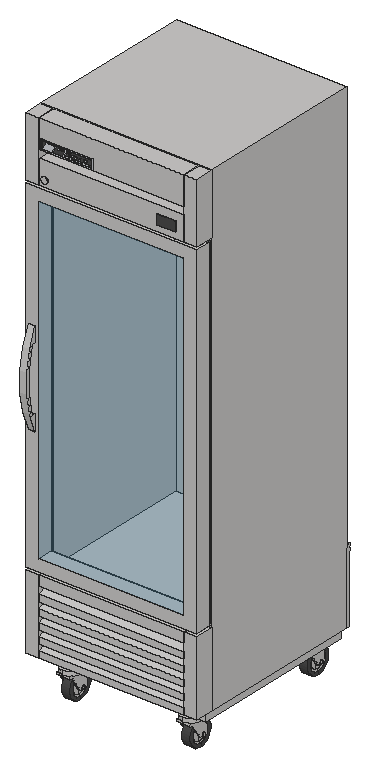
Revit family "QF_TRUE_TS-23FG-HC~FGD01", category Specialty Equipment, Revit 2015 (continued)
Definition of nested family "TS-23-FG-HC-FGD01"
  Automatic sketch dimensions
    Extrusion 24 sketch curve to Extrusion 24 sketch curve = 3"  (x2)
    Extrusion 25 sketch curve to Extrusion 25 sketch curve = 2"
    Extrusion 25 sketch curve to Extrusion 25 sketch curve = 76 1/2"
    Extrusion 22 sketch curve to Extrusion 22 sketch curve = 25"
    Extrusion 22 sketch curve to Extrusion 22 sketch curve = 1 15/16"
    plane 11 to Extrusion 18 sketch curve = 1/4"
    plane 11 to Extrusion 18 sketch curve = 54 1/2"
    Extrusion 18 sketch curve to Extrusion 18 sketch curve = 2"  (x2)
    plane 11 to Extrusion 18 sketch curve = 2"
    Extrusion 18 sketch curve to Extrusion 18 sketch curve = 23"
    Extrusion 18 sketch curve to Extrusion 18 sketch curve = 1 3/4"
    Extrusion 13 sketch curve to Extrusion 13 sketch curve = 23"
    Extrusion 13 sketch curve to Extrusion 13 sketch curve = 50 3/4"
    Extrusion 29 sketch curve to plane 7 "Center Y" = 0"
    Extrusion 29 sketch curve to plane 9 = 9 5/8"
    Extrusion 2 to Extrusion 30 sketch curve = 1.18857"
    Extrusion 30 sketch curve to Extrusion 2 = 0.92156"
    Extrusion 2 to Extrusion 30 sketch curve = 4.2006"
    Extrusion 2 to Extrusion 30 sketch curve = 1.25266"
    Extrusion 10 sketch curve to Extrusion 1 = 11 1/2"
    Extrusion 1 to Extrusion 10 sketch curve = 23 1/4"
    Extrusion 10 sketch curve to Extrusion 10 sketch curve = 1.37134"  (x2)
    Extrusion 10 sketch curve to Extrusion 1 = 1/4"  (x2)
    Extrusion 10 sketch curve to Extrusion 10 sketch curve = 1 1/2"
    Extrusion 10 sketch curve to Extrusion 1 = 13 3/4"
    Extrusion 20 sketch curve to Extrusion 11 = 11 1/2"
    Extrusion 11 to Extrusion 20 sketch curve = 23 1/4"
    Extrusion 20 sketch curve to Extrusion 20 sketch curve = 1.37134"  (x2)
    Extrusion 20 sketch curve to Extrusion 11 = 1/4"  (x2)
    Extrusion 20 sketch curve to Extrusion 20 sketch curve = 1 1/2"
    Extrusion 20 sketch curve to Extrusion 11 = 13 3/4"
    Extrusion 5 sketch curve to Extrusion 5 sketch curve = 1.5775"
    Extrusion 5 sketch curve to Extrusion 5 sketch curve = 0.2834"
    Extrusion 5 sketch curve to Extrusion 5 sketch curve = 25 3/4"
    Extrusion 15 sketch curve to Extrusion 15 sketch curve = 1.5775"
    Extrusion 15 sketch curve to Extrusion 15 sketch curve = 0.2834"
    Extrusion 15 sketch curve to Extrusion 15 sketch curve = 25 3/4"
    Extrusion 5 sketch curve to plane 18 = 0"
    Extrusion 15 sketch curve to plane 19 = 0"
    Extrusion 23 sketch curve to plane 14 = 0"
    plane 15 to Extrusion 23 sketch curve = 0"
    Extrusion 23 sketch curve to plane 14 = 2 1/2"
    Extrusion 23 sketch curve to plane 15 = 2 1/2"
    Extrusion 23 sketch curve to Extrusion 23 sketch curve = 0"
    Extrusion 23 sketch curve to Extrusion 23 sketch curve = 0.60964"  (x2)
    Extrusion 23 sketch curve to Extrusion 23 sketch curve = 14.60983"
    Extrusion 23 sketch curve to Extrusion 23 sketch curve = 2.9401"
    Extrusion 26 sketch curve to plane 16 = 0"
    plane 17 to Extrusion 26 sketch curve = 0"
    Extrusion 26 sketch curve to plane 16 = 2 1/2"
    Extrusion 26 sketch curve to plane 17 = 2 1/2"
    Extrusion 26 sketch curve to Extrusion 26 sketch curve = 0"
    Extrusion 26 sketch curve to Extrusion 26 sketch curve = 0.60964"  (x2)
    Extrusion 26 sketch curve to Extrusion 26 sketch curve = 14.60983"
    Extrusion 26 sketch curve to Extrusion 26 sketch curve = 2.9401"
    curve 2 to plane 3 "LEFT" = 0"
    plane 5 "FRONT" to curve 11 = 0"
    curve 3 to plane 4 "RIGHT" = 0"
    plane 1 "BACK" to curve 5 = 0"
    curve 3 to plane 12 = 0"
    curve 10 to plane 3 "LEFT" = 0.2834"
    plane 4 "RIGHT" to curve 9 = 4.25181"
    plane 5 "FRONT" to curve 9 = 13.13367"
    plane 3 "LEFT" to curve 11 = 0.49075"
    plane 13 to curve 12 = 0.00013"
    curve 11 to curve 12 = 1.00925"
    plane 3 "LEFT" to curve 7 = 2"
    plane 4 "RIGHT" to curve 8 = 2"
    curve 10 to curve 6 = 3"
    Extrusion 6 sketch curve to Extrusion 1 = 0"  (x2)
    Extrusion 6 sketch curve to Extrusion 1 = 3/8"
    Extrusion 6 sketch curve to Extrusion 6 sketch curve = 10.68144"
    Extrusion 6 sketch curve to Extrusion 6 sketch curve = 0.34482"
    Extrusion 6 sketch curve to Extrusion 6 sketch curve = 0.3805"
    Extrusion 6 sketch curve to Extrusion 6 sketch curve = 0.16647"
    Extrusion 6 sketch curve to Extrusion 1 = 0.32496"
    Extrusion 6 sketch curve to Extrusion 6 sketch curve = 0.17678"
    Extrusion 6 sketch curve to Extrusion 6 sketch curve = 0.14819"
    Extrusion 6 sketch curve to Extrusion 6 sketch curve = 0"
    Extrusion 6 sketch curve to Extrusion 6 sketch curve = 3/32"
    Extrusion 6 sketch curve to Extrusion 6 sketch curve = 0.14379"
    Extrusion 16 sketch curve to Extrusion 11 = 0"  (x2)
    Extrusion 16 sketch curve to Extrusion 11 = 3/8"
    Extrusion 16 sketch curve to Extrusion 16 sketch curve = 10.68144"
    Extrusion 16 sketch curve to Extrusion 16 sketch curve = 0.34482"
    Extrusion 16 sketch curve to Extrusion 16 sketch curve = 0.3805"
    Extrusion 16 sketch curve to Extrusion 16 sketch curve = 0.16647"
    Extrusion 16 sketch curve to Extrusion 11 = 0.32496"
    Extrusion 16 sketch curve to Extrusion 16 sketch curve = 0.17678"
    Extrusion 16 sketch curve to Extrusion 16 sketch curve = 0.14819"
    Extrusion 16 sketch curve to Extrusion 16 sketch curve = 0"
    Extrusion 16 sketch curve to Extrusion 16 sketch curve = 3/32"
    Extrusion 16 sketch curve to Extrusion 16 sketch curve = 0.14379"
    Extrusion 31 sketch curve to Extrusion 31 sketch curve = 0.37938"
    Extrusion 31 sketch curve to Extrusion 31 sketch curve = 1"
    Extrusion 31 sketch curve to Extrusion 31 sketch curve = 1.65026"
    Extrusion 31 sketch curve to Extrusion 31 sketch curve = 0.43546"
    Extrusion 31 sketch curve to Extrusion 31 sketch curve = 0.50522"
    Extrusion 31 sketch curve to Extrusion 31 sketch curve = 0.51683"  (x2)
    Extrusion 31 sketch curve to Extrusion 31 sketch curve = 0.53428"
    Extrusion 32 sketch curve to Extrusion 32 sketch curve = 1"
    Extrusion 32 sketch curve to Extrusion 32 sketch curve = 0"
    Extrusion 34 sketch curve to Extrusion 34 sketch curve = 0.0411"
    Extrusion 34 sketch curve to Extrusion 34 sketch curve = 0.54506"
    Extrusion 34 sketch curve to Extrusion 34 sketch curve = 0.91779"
    Extrusion 34 sketch curve to Extrusion 34 sketch curve = 0.45494"
    Extrusion 34 sketch curve to Extrusion 34 sketch curve = 17/32"
    Extrusion 34 sketch curve to Extrusion 34 sketch curve = 1.82353"
    Extrusion 35 sketch curve to Extrusion 35 sketch curve = 0"  (x3)
    Extrusion 35 sketch curve to Extrusion 35 sketch curve = 0.0075"
    Extrusion 35 sketch curve to Extrusion 35 sketch curve = 2.06523"
    Extrusion 35 sketch curve to Extrusion 35 sketch curve = 0.04197"
    Extrusion 35 sketch curve to Extrusion 35 sketch curve = 0.42957"
    Extrusion 35 sketch curve to Extrusion 35 sketch curve = 0.94308"
    Extrusion 37 sketch curve to Extrusion 37 sketch curve = 0.37938"
    Extrusion 37 sketch curve to Extrusion 37 sketch curve = 1"
    Extrusion 37 sketch curve to Extrusion 37 sketch curve = 1.65026"
    Extrusion 37 sketch curve to Extrusion 37 sketch curve = 0.43546"
    Extrusion 37 sketch curve to Extrusion 37 sketch curve = 0.50522"
    Extrusion 37 sketch curve to Extrusion 37 sketch curve = 0.51683"  (x2)
    Extrusion 37 sketch curve to Extrusion 37 sketch curve = 0.53428"
    Extrusion 38 sketch curve to Extrusion 38 sketch curve = 1"
    Extrusion 38 sketch curve to Extrusion 38 sketch curve = 0"
    Extrusion 40 sketch curve to Extrusion 40 sketch curve = 0.0411"
    Extrusion 40 sketch curve to Extrusion 40 sketch curve = 0.54506"
    Extrusion 40 sketch curve to Extrusion 40 sketch curve = 0.91779"
    Extrusion 40 sketch curve to Extrusion 40 sketch curve = 0.45494"
    Extrusion 40 sketch curve to Extrusion 40 sketch curve = 17/32"
    Extrusion 40 sketch curve to Extrusion 40 sketch curve = 1.82353"
    Extrusion 41 sketch curve to Extrusion 41 sketch curve = 0"  (x3)
    Extrusion 41 sketch curve to Extrusion 41 sketch curve = 0.0075"
    Extrusion 41 sketch curve to Extrusion 41 sketch curve = 2.06523"
    Extrusion 41 sketch curve to Extrusion 41 sketch curve = 0.04197"
    Extrusion 41 sketch curve to Extrusion 41 sketch curve = 0.42957"
    Extrusion 41 sketch curve to Extrusion 41 sketch curve = 0.94308"
    radius of Extrusion 4 sketch curve = 1/2"
    radius of Extrusion 14 sketch curve = 1/2"
    radius of Extrusion 29 sketch curve = 1/4"
    radius of Extrusion 31 sketch curve = 1/4"  (x3)
    radius of Extrusion 32 sketch curve = 1/4"  (x2)
    radius of Extrusion 33 sketch curve to Extrusion 34 = 0"
    radius of Extrusion 34 sketch curve = 1/4"
    radius of Extrusion 35 sketch curve = 1/4"
    radius of Extrusion 36 sketch curve = 1/4"
    radius of Extrusion 37 sketch curve = 1/4"  (x3)
    radius of Extrusion 38 sketch curve = 1/4"  (x2)
    radius of Extrusion 39 sketch curve to Extrusion 40 = 0"
    radius of Extrusion 40 sketch curve = 1/4"
    radius of Extrusion 41 sketch curve = 1/4"
    radius of Extrusion 42 sketch curve = 1/4"
  Nested families (in)
    nested 1: "QF_LOGO_TRUE" at (2.5, -29.8125, 79.375), Show Logo <- "Show Logo", type "QF_LOGO_TRUE", detail levels medium+fine
      with Show Logo yes
  Definition of nested family "QF_LOGO_TRUE"
    Parameters (values of type "QF_LOGO_TRUE")
      Show Logo [instance] = yes
    Reference planes (in)
      plane 1 "Center (Front/Back)": y = 0
      plane 2: z = 0
      plane 3 "Center (Left/Right)": x = 0
    Forms (in)
      Extrusion 1, solid, visible <- "Show Logo", detail levels medium+fine
        sketch origin (-78.34647, 34.76905, -30.51001) x (1, 0, 0) y (0, 0, 1)
          loop
            line (81.15226, 31.65456) -> (81.07353, 31.48573) -> (82.12083, 31.48573)
            arc (82.12083, 31.48573) -> (82.14208, 31.44814) -> (82.12083, 31.41055) r 0.04386
            line (82.12083, 31.41055) -> (81.84767, 30.82478)
            arc (81.84767, 30.82478) -> (81.84531, 30.77052) -> (81.882, 30.73048) r 0.07096
            line (81.882, 30.73048) -> (82.55165, 30.73048)
            arc (82.55165, 30.73048) -> (82.63621, 30.75714) -> (82.69019, 30.82748) r 0.14742
            line (82.69019, 30.82748) -> (82.90515, 31.28847) -> (83.10265, 31.28847)
            arc (83.10265, 31.28847) -> (83.15447, 31.26942) -> (83.14697, 31.21472) r 0.04405
            line (83.14697, 31.21472) -> (82.9671, 30.82899)
            arc (82.9671, 30.82899) -> (82.9699, 30.76493) -> (83.02398, 30.73048) r 0.06943
            line (83.02398, 30.73048) -> (83.6124, 30.73048)
            arc (83.6124, 30.73048) -> (83.65748, 30.74689) -> (83.68147, 30.78844) r 0.07014
            arc (83.68147, 30.78844) -> (83.69845, 30.74745) -> (83.73943, 30.73048) r 0.05796
            line (83.73943, 30.73048) -> (84.112, 30.73048)
            arc (84.112, 30.73048) -> (84.15504, 30.74201) -> (84.18655, 30.77352) r 0.08608
            arc (84.18655, 30.77352) -> (84.20164, 30.7371) -> (84.23806, 30.72202) r 0.0515
            line (84.23806, 30.72202) -> (84.76757, 30.72202)
            arc (84.76757, 30.72202) -> (84.81086, 30.73995) -> (84.8288, 30.78324) r 0.06122
            arc (84.8288, 30.78324) -> (84.86848, 30.74355) -> (84.92269, 30.72903) r 0.10842
            line (84.92269, 30.72903) -> (85.91461, 30.72903) -> (86.02479, 30.91987) -> (85.0243, 30.91987)
            arc (85.0243, 30.91987) -> (84.99669, 30.93902) -> (84.99566, 30.97261) r 0.03732
            line (84.99566, 30.97261) -> (85.01297, 31.00972)
            arc (85.01297, 31.00972) -> (85.03954, 31.04453) -> (85.0813, 31.05774) r 0.07263
            line (85.0813, 31.05774) -> (85.40289, 31.05774)
            arc (85.40289, 31.05774) -> (85.4723, 31.07633) -> (85.52311, 31.12715) r 0.13882
            line (85.52311, 31.12715) -> (85.61625, 31.28847)
            arc (85.61625, 31.28847) -> (85.61625, 31.37458) -> (85.54168, 31.41763) r 0.08611
            line (85.54168, 31.41763) -> (85.20227, 31.41763)
            arc (85.20227, 31.41763) -> (85.11574, 31.40294) -> (85.05538, 31.33923) r 0.13863
            line (85.05538, 31.33923) -> (84.89409, 30.99333)
            arc (84.89409, 30.99333) -> (84.84649, 30.9313) -> (84.77191, 30.90778) r 0.13002
            line (84.77191, 30.90778) -> (84.41984, 30.90778)
            arc (84.41984, 30.90778) -> (84.3777, 30.95378) -> (84.38042, 31.0161) r 0.08151
            line (84.38042, 31.0161) -> (84.56766, 31.41763) -> (84.44849, 31.41763) -> (84.25012, 30.99222)
            arc (84.25012, 30.99222) -> (84.21158, 30.94199) -> (84.15119, 30.92296) r 0.10527
            line (84.15119, 30.92296) -> (83.90842, 30.92296)
            arc (83.90842, 30.92296) -> (83.8674, 30.97642) -> (83.87619, 31.04323) r 0.08805
            line (83.87619, 31.04323) -> (84.05078, 31.41763) -> (83.92772, 31.41763) -> (83.72676, 30.98668)
            arc (83.72676, 30.98668) -> (83.68011, 30.94003) -> (83.61639, 30.92296) r 0.12745
            line (83.61639, 30.92296) -> (83.26484, 30.92296)
            arc (83.26484, 30.92296) -> (83.2017, 30.9524) -> (83.19563, 31.0218) r 0.06967
            line (83.19563, 31.0218) -> (83.31118, 31.26961) -> (83.47452, 31.26961)
            arc (83.47452, 31.26961) -> (83.50209, 31.35268) -> (83.56075, 31.41763) r 0.21289
            line (83.56075, 31.41763) -> (82.92244, 31.41763)
            arc (82.92244, 31.41763) -> (82.85151, 31.40191) -> (82.80242, 31.34834) r 0.12081
            line (82.80242, 31.34834) -> (82.6294, 30.9773)
            arc (82.6294, 30.9773) -> (82.58962, 30.93752) -> (82.53528, 30.92296) r 0.10869
            line (82.53528, 30.92296) -> (82.1542, 30.92296)
            arc (82.1542, 30.92296) -> (82.12446, 30.96315) -> (82.13012, 31.01283) r 0.06822
            line (82.13012, 31.01283) -> (82.38156, 31.48573) -> (83.01596, 31.48573) -> (83.09469, 31.65456) -> (82.46029, 31.65456) -> (82.53902, 31.8234) -> (82.31334, 31.8234) -> (82.23461, 31.65456) -> (81.15226, 31.65456)
          loop
            arc (85.15937, 31.26434) -> (85.13191, 31.25698) -> (85.1118, 31.23688) r 0.05494
            line (85.1118, 31.23688) -> (85.09547, 31.18665)
            arc (85.09547, 31.18665) -> (85.10304, 31.16837) -> (85.12133, 31.16079) r 0.02586
            line (85.12133, 31.16079) -> (85.39889, 31.16079)
            arc (85.39889, 31.16079) -> (85.41888, 31.16523) -> (85.43513, 31.1777) r 0.04731
            line (85.43513, 31.1777) -> (85.44863, 31.2402)
            arc (85.44863, 31.2402) -> (85.44466, 31.25693) -> (85.42914, 31.26434) r 0.01994
            line (85.42914, 31.26434) -> (85.15937, 31.26434)
          loop
            line (78.62961, 30.74125) -> (80.12032, 30.74125) -> (80.73891, 31.81268) -> (79.2482, 31.81268) -> (78.62961, 30.74125)
        from 34.76797 to 34.83173
      Extrusion 2, solid, visible <- "Show Logo", detail levels medium+fine
        sketch origin (-142.84857, 34.75108, -33.3546) x (1, 0, 0) y (0, 0, 1)
          loop
            line (150.81107, 34.71978) -> (142.98607, 34.71978) -> (142.98607, 33.4921) -> (150.81107, 33.4921) -> (150.81107, 34.71978)
        from 34.75108 to 34.78125
      Extrusion 3, solid, visible <- "Show Logo", detail levels medium+fine
        sketch origin (-142.84857, 34.75108, -33.3546) x (1, 0, 0) y (0, 0, 1)
          loop
            line (150.94857, 34.85727) -> (142.84857, 34.85727) -> (142.84857, 33.3546) -> (150.94857, 33.3546) -> (150.94857, 34.85727)
          loop
            line (142.98607, 34.71978) -> (142.98607, 33.4921) -> (150.81107, 33.4921) -> (150.81107, 34.71978) -> (142.98607, 34.71978)
        from 34.75108 to 34.81376
      Extrusion 4, solid, not visible
        sketch origin (121.45701, -16.5, 4.98235) x (1, 0, 0) y (0, 0, 1)
          loop
            line (25.20115, 35.89949) -> (25.20115, 33.96647) -> (30.95381, 33.96647) -> (30.95381, 35.89949) -> (25.20115, 35.89949)
        from 31.5 to 31.54261
      Extrusion 5, solid, not visible
        sketch origin (121.45701, -16.5, 4.98235) x (1, 0, 0) y (0, 0, 1)
          loop
            line (26.7387, 34.95472) -> (26.61492, 34.49276) -> (27.038, 34.49276)
            arc (27.038, 34.49276) -> (27.13117, 34.52484) -> (27.18485, 34.60749) r 0.15134
            arc (27.18485, 34.60749) -> (27.20396, 34.68138) -> (27.22435, 34.75493) r 4.37326
            arc (27.22435, 34.75493) -> (27.23458, 34.81765) -> (27.22435, 34.88037) r 0.1974
            arc (27.22435, 34.88037) -> (27.18247, 34.93579) -> (27.11563, 34.95472) r 0.10914
            line (27.11563, 34.95472) -> (26.7387, 34.95472)
          loop
            line (26.90201, 34.80638) -> (26.84645, 34.59903) -> (26.92855, 34.59903)
            arc (26.92855, 34.59903) -> (26.98205, 34.6185) -> (27.01051, 34.6678) r 0.08322
            line (27.01051, 34.6678) -> (27.02399, 34.74424)
            arc (27.02399, 34.74424) -> (27.01491, 34.78454) -> (26.97985, 34.80638) r 0.05353
            line (26.97985, 34.80638) -> (26.90201, 34.80638)
          loop
            line (27.45336, 34.66131) -> (27.76233, 34.66131) -> (27.78859, 34.73909)
            arc (27.78859, 34.73909) -> (27.7878, 34.82039) -> (27.73107, 34.87864) r 0.10925
            arc (27.73107, 34.87864) -> (27.68233, 34.8944) -> (27.63139, 34.89974) r 0.24595
            line (27.63139, 34.89974) -> (27.46708, 34.89974)
            arc (27.46708, 34.89974) -> (27.4068, 34.88073) -> (27.3535, 34.84677) r 0.2421
            arc (27.3535, 34.84677) -> (27.2897, 34.76363) -> (27.26702, 34.66131) r 0.2421
            line (27.26702, 34.66131) -> (27.26702, 34.54477)
            arc (27.26702, 34.54477) -> (27.31618, 34.4956) -> (27.38334, 34.47761) r 0.13431
            line (27.38334, 34.47761) -> (27.59054, 34.47761)
            arc (27.59054, 34.47761) -> (27.63459, 34.48281) -> (27.67622, 34.49812) r 0.18924
            line (27.67622, 34.49812) -> (27.73102, 34.61563)
            arc (27.73102, 34.61563) -> (27.68453, 34.59565) -> (27.63566, 34.58252) r 0.35376
            arc (27.63566, 34.58252) -> (27.55885, 34.56956) -> (27.48204, 34.58252) r 0.23415
            arc (27.48204, 34.58252) -> (27.44492, 34.61362) -> (27.45336, 34.66131) r 0.04838
          loop
            line (27.4842, 34.73042) -> (27.62012, 34.73042) -> (27.62621, 34.76496)
            arc (27.62621, 34.76496) -> (27.58961, 34.80242) -> (27.53739, 34.80638) r 0.0742
            arc (27.53739, 34.80638) -> (27.49747, 34.77773) -> (27.4842, 34.73042) r 0.0742
          loop
            line (27.91616, 34.97572) -> (27.78675, 34.49276) -> (27.98645, 34.49276) -> (28.11586, 34.97572) -> (27.91616, 34.97572)
          loop
            line (28.13678, 34.66131) -> (28.08755, 34.47761) -> (28.27134, 34.47761) -> (28.32056, 34.66131) -> (28.43674, 34.66131) -> (28.47974, 34.78864) -> (28.36519, 34.78864)
            arc (28.36519, 34.78864) -> (28.35733, 34.81649) -> (28.36921, 34.84288) r 0.04231
            arc (28.36921, 34.84288) -> (28.431, 34.8652) -> (28.49617, 34.85686) r 0.13988
            line (28.49617, 34.85686) -> (28.53544, 34.97317)
            arc (28.53544, 34.97317) -> (28.39725, 34.99096) -> (28.25905, 34.97317) r 0.54546
            arc (28.25905, 34.97317) -> (28.20849, 34.91994) -> (28.18197, 34.85147) r 0.1894
            line (28.18197, 34.85147) -> (28.17089, 34.78864) -> (28.11397, 34.78864) -> (28.07985, 34.66131) -> (28.13678, 34.66131)
          loop
            arc (28.74846, 34.89756) -> (28.65884, 34.88533) -> (28.56922, 34.89756) r 0.33455
            line (28.56922, 34.89756) -> (28.45669, 34.47761) -> (28.63593, 34.47761) -> (28.74846, 34.89756)
          loop
            arc (28.60398, 35.01195) -> (28.57699, 34.97173) -> (28.60398, 34.9315) r 0.04347
            line (28.60398, 34.9315) -> (28.75755, 34.9315)
            arc (28.75755, 34.9315) -> (28.78645, 34.96687) -> (28.77911, 35.01195) r 0.0556
            line (28.77911, 35.01195) -> (28.60398, 35.01195)
          loop
            line (28.95336, 34.66131) -> (29.26233, 34.66131) -> (29.28859, 34.73909)
            arc (29.28859, 34.73909) -> (29.2878, 34.82039) -> (29.23107, 34.87864) r 0.10925
            arc (29.23107, 34.87864) -> (29.18233, 34.8944) -> (29.13139, 34.89974) r 0.24595
            line (29.13139, 34.89974) -> (28.96708, 34.89974)
            arc (28.96708, 34.89974) -> (28.9068, 34.88073) -> (28.8535, 34.84677) r 0.2421
            arc (28.8535, 34.84677) -> (28.7897, 34.76363) -> (28.76702, 34.66131) r 0.2421
            line (28.76702, 34.66131) -> (28.76702, 34.54477)
            arc (28.76702, 34.54477) -> (28.81618, 34.4956) -> (28.88334, 34.47761) r 0.13431
            line (28.88334, 34.47761) -> (29.09054, 34.47761)
            arc (29.09054, 34.47761) -> (29.13459, 34.48281) -> (29.17622, 34.49812) r 0.18924
            line (29.17622, 34.49812) -> (29.23102, 34.61563)
            arc (29.23102, 34.61563) -> (29.18453, 34.59565) -> (29.13566, 34.58252) r 0.35376
            arc (29.13566, 34.58252) -> (29.05885, 34.56956) -> (28.98204, 34.58252) r 0.23415
            arc (28.98204, 34.58252) -> (28.94492, 34.61362) -> (28.95336, 34.66131) r 0.04838
          loop
            line (28.9842, 34.73042) -> (29.12012, 34.73042) -> (29.12621, 34.76496)
            arc (29.12621, 34.76496) -> (29.08961, 34.80242) -> (29.03739, 34.80638) r 0.0742
            arc (29.03739, 34.80638) -> (28.99747, 34.77773) -> (28.9842, 34.73042) r 0.0742
          loop
            line (29.41616, 34.97572) -> (29.28675, 34.49276) -> (29.48645, 34.49276) -> (29.61586, 34.97572) -> (29.41616, 34.97572)
          loop
            line (29.99836, 34.97572) -> (29.95192, 34.80242)
            arc (29.95192, 34.80242) -> (29.94473, 34.85705) -> (29.90102, 34.89059) r 0.07199
            arc (29.90102, 34.89059) -> (29.80023, 34.89941) -> (29.70251, 34.87322) r 0.29131
            arc (29.70251, 34.87322) -> (29.61806, 34.7652) -> (29.5896, 34.63108) r 0.30433
            line (29.5896, 34.63108) -> (29.5896, 34.55572)
            arc (29.5896, 34.55572) -> (29.61075, 34.50463) -> (29.66184, 34.48348) r 0.07224
            line (29.66184, 34.48348) -> (29.78537, 34.48348)
            arc (29.78537, 34.48348) -> (29.83854, 34.51313) -> (29.88504, 34.55243) r 0.31609
            line (29.88504, 34.55243) -> (29.86905, 34.49276) -> (30.05973, 34.49276) -> (30.18914, 34.97572) -> (29.99836, 34.97572)
          loop
            arc (29.84537, 34.75931) -> (29.79424, 34.71128) -> (29.77745, 34.64317) r 0.12371
            arc (29.77745, 34.64317) -> (29.80071, 34.59901) -> (29.85056, 34.59647) r 0.05045
            arc (29.85056, 34.59647) -> (29.90141, 34.64047) -> (29.92536, 34.7033) r 0.13769
            arc (29.92536, 34.7033) -> (29.90211, 34.75521) -> (29.84537, 34.75931) r 0.05543
          loop
            line (26.45047, 35.26762) -> (26.58211, 35.26762)
            arc (26.58211, 35.26762) -> (26.60467, 35.30821) -> (26.62126, 35.35157) r 0.3277
            arc (26.62126, 35.35157) -> (26.62714, 35.39992) -> (26.60877, 35.44503) r 0.09693
            arc (26.60877, 35.44503) -> (26.56454, 35.48868) -> (26.50462, 35.50516) r 0.12312
            arc (26.50462, 35.50516) -> (26.44158, 35.50565) -> (26.37854, 35.50546) r 5.76967
            arc (26.37854, 35.50546) -> (26.07462, 35.42923) -> (25.81045, 35.26076) r 0.97743
            line (25.81045, 35.26076) -> (25.85921, 35.26076)
            arc (25.85921, 35.26076) -> (26.08494, 35.39361) -> (26.3396, 35.45485) r 0.88817
            arc (26.3396, 35.45485) -> (26.41429, 35.44188) -> (26.47267, 35.39352) r 0.14748
            arc (26.47267, 35.39352) -> (26.48041, 35.32725) -> (26.45047, 35.26762) r 0.11636
          loop
            arc (26.35412, 35.17841) -> (26.19578, 35.0555) -> (26.00982, 34.98069) r 0.72453
            arc (26.00982, 34.98069) -> (25.9036, 34.95581) -> (25.79459, 34.9604) r 0.40201
            arc (25.79459, 34.9604) -> (25.7275, 34.98819) -> (25.69972, 35.05528) r 0.09488
            arc (25.69972, 35.05528) -> (25.71867, 35.12629) -> (25.77049, 35.17841) r 0.1425
            line (25.77049, 35.17841) -> (25.73665, 35.18748)
            arc (25.73665, 35.18748) -> (25.67632, 35.09876) -> (25.66924, 34.99171) r 0.20432
            arc (25.66924, 34.99171) -> (25.71443, 34.9227) -> (25.79473, 34.90384) r 0.11116
            arc (25.79473, 34.90384) -> (25.91172, 34.89904) -> (26.02716, 34.91862) r 0.56145
            arc (26.02716, 34.91862) -> (26.27675, 35.021) -> (26.49584, 35.17841) r 1.15683
            line (26.49584, 35.17841) -> (26.35412, 35.17841)
        from 31.54261 to 31.56272
    Dimensions and locks (in)
      aligned and locked: level to plane 2
      aligned and locked: Extrusion 2 to Extrusion 3  (x2)
      aligned and locked: Extrusion 2 sketch curve to Extrusion 3
